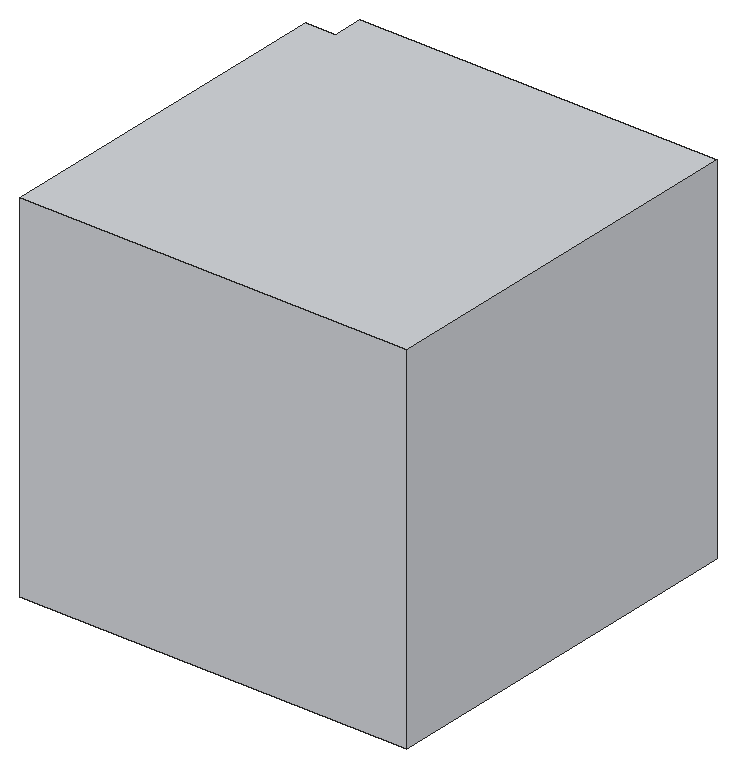
Revit family "9471005a7d224ccfbea008b8fa66d202", category Duct Fittings, Revit 2021
Family settings
  Round Connector Dimension = Use Diameter
  Part Type = Elbow
  OmniClass Number = 23.75.70.14
  OmniClass Title = Air Ductwork
  Seek Item ID = Rectangular Elbow - Mitered - Single Thickness Vanes-0000-USA-ENU
  Work Plane-Based = No
  Always vertical = Yes
  Cut with Voids When Loaded = No
  Shared = No
Parameters (values of type "Standard")
  Vanes Space [instance] = Vanes Radius  # 2"
  Duct Width [instance] = 12"
  Shoulder Length [instance] = 1"
  Number [instance] = if((Length 1 + Length 2) / Vanes Space > 2, (Length 1 + Length 2) / Vanes Space, 2)  # 6
  Length 2 [instance] = if((Half Duct Width - Vanes Radius) > 0' 0", Half Duct Width - Vanes Radius, 0' 1")  # 4"
  Length 1 [instance] = Half Duct Width + Vanes Radius / 2  # 7"
  Duct Length1 [instance] = tan(Angle / 2) * Duct Width / 2 + Shoulder Length  # 7"
  Vanes Radius [instance] = Duct Width / 6  # 2"
  Duct Height [instance] = 12"
  Half Duct Width [instance] = Duct Width / 2  # 6"
  Half Duct Length 1 [instance] = Duct Length1 / 2  # 3 1/2"
  Half Duct Height [instance] = Duct Height / 2  # 6"
  Default Elevation = 0' - 0"
  Angle 2 [instance] = Angle / 2  # 45.00°
  Angle [instance] = 90.00°
Reference planes (in)
  plane 1 "Center (Front/Back)": y = 0
  plane 2: z = 0
  plane 3 "Center (Left/Right)": x = 0
  plane 4: x = -7
Forms (in)
  Sweep 1, solid, detail levels medium+fine
    path in 3D
      loop
        line (-7, 0, 0) -> (0, 0, 0) -> (0, 7, 0)
    profile "Duct - Rectangular : Duct - Rectangular" origin (-3.5, 0, 0) x (0, 1, 0) y (0, 0, 1)
      loop
        line (-6, 6) -> (-6, -6) -> (6, -6) -> (6, 6) -> (-6, 6)
Lines and regions (in)
  reference lines
    curve 1: line (-7, 0, 0) -> (0, 0, 0)
    curve 6: line (0, 0, 0) -> (-4.94975, 4.94975, 0)
    curve 7: line (0, 0, 0) -> (2.82843, -2.82843, 0)
    curve 8: line (-4.94975, 4.94975, 0) -> (-7.07107, 2.82843, 0)
    curve 9: line (-3.53553, 3.53553, 0) -> (-5.65685, 1.41421, 0)
  model lines, style "DuctFitting", detail levels coarse
    curve 2: line (0, 0, 0) -> (0, 7, 0)
    curve 5: line (-7, 0, 0) -> (0, 0, 0)
  sketch lines
    curve 3: line (-7, 0, 0) -> (0, 0, 0)
    curve 4: line (0, 0, 0) -> (0, 7, 0)
  model lines, detail levels coarse
    curve 10: line (0, 0, 0) -> (-2.47487, 2.47487, 0)
    curve 11: line (0, 0, 0) -> (2.47487, -2.47487, 0)
Dimensions and locks (in)
  "Duct Length1": plane 4 to plane 3 "Center (Left/Right)"
  "Duct Length1": curve 2 to curve 2
  "Length 1": curve 6 to curve 6
  "Length 2": curve 7 to curve 7
  "Vanes Space": curve 8 to curve 9
  equal spacing: group 1, group 2, group 3, group 4, group 5, group 6  (x2)
  equal spacing: group 6, group 5, group 4, group 3, group 2, group 1
  "Half Duct Length 1": curve 10 to curve 10
  "Half Duct Length 1": curve 11 to curve 11
  "Angle": angle plane 1 "Center (Front/Back)" to curve 2
  "Angle 2": angle plane 3 "Center (Left/Right)" to curve 7
  "Angle 2": angle plane 3 "Center (Left/Right)" to curve 6
  locked: curve 6 to curve 8 (angle 90.00°)
  locked: curve 9 to curve 6 (angle 90.00°)
  "Angle 2": angle plane 3 "Center (Left/Right)" to curve 10
  "Angle 2": angle plane 3 "Center (Left/Right)" to curve 11
  aligned and locked: plane 1 "Center (Front/Back)" to curve 1
  aligned and locked: plane 3 "Center (Left/Right)" to curve 1
  aligned and locked: plane 4 to curve 1
  aligned and locked: curve 5 to curve 1
  aligned and locked: curve 6 to nested 1
  aligned and locked: nested 1 to curve 6
  aligned and locked: nested 2 to curve 9  (x2)
Automatic sketch dimensions
  curve 5 to plane 4 = 0' - 0"
  curve 11 to plane 3 "Center (Left/Right)" = 0' - 0"
Nested families (in)
  nested 1: "Duct - Single Vanes" at (-4.94975, 4.94975, 0), Radius <- "Vanes Radius", Height <- "Half Duct Height", Angle <- "Angle", type "Duct - Single Vanes", detail levels medium+fine
    with Radius 2", Height 6", Angle 90.00°
  nested 2: "Duct - Single Vanes" at (-3.53553, 3.53553, 0), Radius <- "Vanes Radius", Height <- "Half Duct Height", Angle <- "Angle", type "Duct - Single Vanes", detail levels medium+fine
    with Radius 2", Height 6", Angle 90.00°
  nested 3: "Duct - Single Vanes" at (-2.12132, 2.12132, 0), Radius <- "Vanes Radius", Height <- "Half Duct Height", Angle <- "Angle", type "Duct - Single Vanes", detail levels medium+fine
    with Radius 2", Height 6", Angle 90.00°
  nested 4: "Duct - Single Vanes" at (-0.70711, 0.70711, 0), Radius <- "Vanes Radius", Height <- "Half Duct Height", Angle <- "Angle", type "Duct - Single Vanes", detail levels medium+fine
    with Radius 2", Height 6", Angle 90.00°
  nested 5: "Duct - Single Vanes" at (0.70711, -0.70711, 0), Radius <- "Vanes Radius", Height <- "Half Duct Height", Angle <- "Angle", type "Duct - Single Vanes", detail levels medium+fine
    with Radius 2", Height 6", Angle 90.00°
  nested 6: "Duct - Single Vanes" at (2.12132, -2.12132, 0), Radius <- "Vanes Radius", Height <- "Half Duct Height", Angle <- "Angle", type "Duct - Single Vanes", detail levels medium+fine
    with Radius 2", Height 6", Angle 90.00°
Connectors (in)
  hvac at (-7, 0, 0), driven by "Duct Height", driven by "Duct Width", driven by "Angle"
    settings: on Sweep 1, index 1, duct flow 0 CFM, flow factor 0, pres drop 0.00 in-wg, loss coef 0, conn angle 90.00°, conn width 12", conn height 12", conn diameter 24", duct sys type 28, conn prof type 1, flow config 0, flow direction 0, loss method 0, conn ref index 2, conn util no, is conn primary yes, conn desc ""
  hvac at (0, 7, 0), driven by "Duct Height", driven by "Duct Width", driven by "Angle"
    settings: on Sweep 1, index 2, duct flow 0 CFM, flow factor 0, pres drop 0.00 in-wg, loss coef 0, conn angle 90.00°, conn width 12", conn height 12", conn diameter 24", duct sys type 28, conn prof type 1, flow config 0, flow direction 0, loss method 0, conn ref index 1, conn util no, is conn primary no, conn desc ""
Definition of nested family "Duct - Single Vanes"
  Parameters
    Radius [instance] = 17 91/128"
    Height [instance] = 1"
    Default Elevation = 0' - 0"
    Assembly Code = ""
    Angle [instance] = 45.00°
  Reference planes (in)
    plane 1 "Center (Front/Back)": y = 0
    plane 2: z = 0
    plane 3 "Center (Left/Right)": x = 0
    plane 4: y = -17.71094
    plane 5: x = 17.71094
    plane 6: z = 1
    plane 7: z = -1
  Lines and regions (in)
    model lines, detail levels medium+fine
      curve 1: arc (0, -17.71094, 1) -> (6.77768, -16.36277, 1) -> (12.52352, -12.52352, 1) r 17.71094
      curve 2: arc (0, -17.71094, -1) -> (6.77768, -16.36277, -1) -> (12.52352, -12.52352, -1) r 17.71094
  Dimensions and locks (in)
    "Radius": plane 3 "Center (Left/Right)" to plane 5
    "Radius": plane 1 "Center (Front/Back)" to plane 4
    "Height": plane 6 to plane 2
    "Height": plane 2 to plane 7
    "Radius": radius of curve 1
    "Radius": radius of curve 2
    "Angle": angle curve 1 to curve 1
    "Angle": angle curve 2 to curve 2
    aligned and locked: plane 1 "Center (Front/Back)" to curve 1
    aligned and locked: plane 3 "Center (Left/Right)" to curve 1
    aligned and locked: plane 1 "Center (Front/Back)" to curve 2
    aligned and locked: plane 3 "Center (Left/Right)" to curve 2
